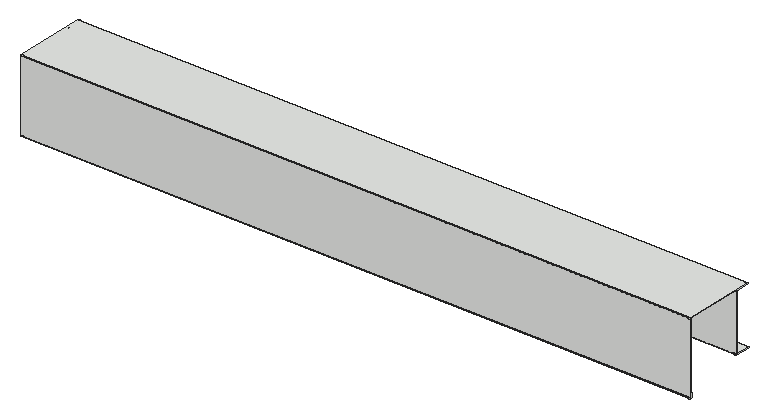
Revit family "profiles PR40100 2015", category Generic Models, Revit 2015
Parameters (values of type "ISOLAMIN PR40100 flashing")
  Profile Length [instance] = 1180 mm
Reference planes
  plane 1 "Center (Front/Back)": y = 0
  plane 2: z = 0
  plane 3 "Center (Left/Right)": x = 0
  plane 4: x = 1180
Forms (mm)
  Extrusion 1, solid, material "ISOLAMIN Surface Material"
    sketch origin (0, 652.991, -1046.541) x (0, 1, 0) y (0, 0, 1)
      loop
        line (-679.286, 1172.289) -> (-679.286, 1072.191)
        arc (-679.286, 1072.191) -> (-679.096, 1071.731) -> (-678.636, 1071.541) r 0.65
        line (-678.636, 1071.541) -> (-653.286, 1071.541) -> (-653.286, 1072.541) -> (-677.644, 1072.541)
        arc (-677.644, 1072.541) -> (-678.063, 1072.713) -> (-678.286, 1073.108) r 0.693
        line (-678.286, 1073.108) -> (-678.286, 1172.241) -> (-654.136, 1172.241)
        arc (-654.136, 1172.241) -> (-653.286, 1173.091) -> (-654.136, 1173.941) r 0.85
        line (-654.136, 1173.941) -> (-780.036, 1173.941)
        arc (-780.036, 1173.941) -> (-780.496, 1173.751) -> (-780.686, 1173.291) r 0.65
        line (-780.686, 1173.291) -> (-780.686, 1047.391)
        arc (-780.686, 1047.391) -> (-779.686, 1046.541) -> (-778.686, 1047.391) r 1.013
        line (-778.686, 1047.391) -> (-778.686, 1054.841) -> (-779.686, 1054.841) -> (-779.686, 1172.4)
        arc (-779.686, 1172.4) -> (-779.476, 1172.803) -> (-779.043, 1172.941) r 0.597
        line (-779.043, 1172.941) -> (-678.38, 1172.948)
        arc (-678.38, 1172.948) -> (-678.937, 1172.762) -> (-679.286, 1172.289) r 0.976
    from 0 to 1180
Dimensions and locks
  "Profile Length": plane 3 "Center (Left/Right)" to plane 4
  aligned and locked: level to plane 2
  aligned and locked: plane 4 to Extrusion 1
Automatic sketch dimensions
  plane 1 "Center (Front/Back)" to Extrusion 1 sketch curve = 26.295 mm
  Extrusion 1 sketch curve to Extrusion 1 sketch curve = 0.923 mm
  level to Extrusion 1 sketch curve = 125.432 mm
  Extrusion 1 sketch curve to Extrusion 1 sketch curve = 0.316 mm
  Extrusion 1 sketch curve to Extrusion 1 sketch curve = 0.017 mm
  Extrusion 1 sketch curve to Extrusion 1 sketch curve = 99.782 mm
  Extrusion 1 sketch curve to Extrusion 1 sketch curve = 0.65 mm  (x2)
  Extrusion 1 sketch curve to Extrusion 1 sketch curve = 25.35 mm
  Extrusion 1 sketch curve to Extrusion 1 sketch curve = 1 mm  (x4)
  Extrusion 1 sketch curve to Extrusion 1 sketch curve = 0.992 mm
  Extrusion 1 sketch curve to Extrusion 1 sketch curve = 0.039 mm
  Extrusion 1 sketch curve to Extrusion 1 sketch curve = 0.692 mm
  Extrusion 1 sketch curve to Extrusion 1 sketch curve = 0.682 mm
  Extrusion 1 sketch curve to Extrusion 1 sketch curve = 0.268 mm
  Extrusion 1 sketch curve to Extrusion 1 sketch curve = 24.15 mm
  Extrusion 1 sketch curve to Extrusion 1 sketch curve = 0.85 mm
  Extrusion 1 sketch curve to Extrusion 1 sketch curve = 100.75 mm
  Extrusion 1 sketch curve to Extrusion 1 sketch curve = 0.993 mm
  Extrusion 1 sketch curve to Extrusion 1 sketch curve = 0.048 mm
  Extrusion 1 sketch curve to Extrusion 1 sketch curve = 0.595 mm
  Extrusion 1 sketch curve to Extrusion 1 sketch curve = 0.594 mm
  Extrusion 1 sketch curve to Extrusion 1 sketch curve = 17.35 mm
  Extrusion 1 sketch curve to Extrusion 1 sketch curve = 7.45 mm
  Extrusion 1 sketch curve to Extrusion 1 sketch curve = 0.163 mm
